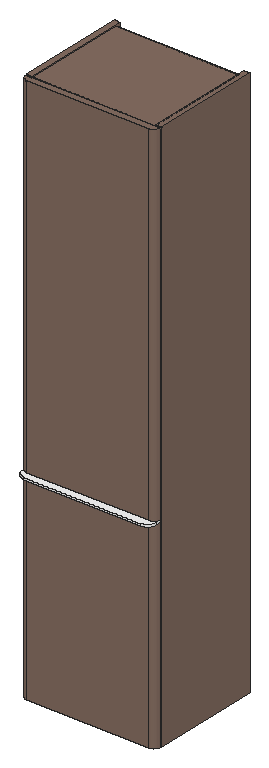
Revit family "tall cabinet, door hinge", category Furniture, Revit 2019 (continued)
Types (48, lengths in mm): name | Tall cabinet 400_350, door hinge right-54142700-Dark Walnut-MATT_WHITE-400_RX0RY0RZ0TX0TY0TZ0_V | Tall cabinet 400_350, door hinge right-54142700-Dark Walnut-MATT_WHITE-200_RX0RY0RZ0TX0TY0TZ0_V | Tall cabinet 400_350, door hinge right-54142670-Dark Walnut-MATT_BLACK-400_RX0RY0RZ0TX0TY0TZ0_V | Tall cabinet 400_350, door hinge right-54142670-Dark Walnut-MATT_BLACK-200_RX0RY0RZ0TX0TY0TZ0_V | Tall cabinet 400_350, door hinge right-54142000-Dark Walnut-CHROME-400_RX0RY0RZ0TX0TY0TZ0_V | Tall cabinet 400_350, door hinge right-54142000-Dark Walnut-CHROME-200_RX0RY0RZ0TX0TY0TZ0_V | Tall cabinet 400_350, door hinge right-54141700-Natural Oak-MATT_WHITE-400_RX0RY0RZ0TX0TY0TZ0_V | Tall cabinet 400_350, door hinge right-54141700-Natural Oak-MATT_WHITE-200_RX0RY0RZ0TX0TY0TZ0_V | Tall cabinet 400_350, door hinge right-54141670-Natural Oak-MATT_BLACK-400_RX0RY0RZ0TX0TY0TZ0_V | Tall cabinet 400_350, door hinge right-54141670-Natural Oak-MATT_BLACK-200_RX0RY0RZ0TX0TY0TZ0_V | Tall cabinet 400_350, door hinge right-54141000-Natural Oak-CHROME-400_RX0RY0RZ0TX0TY0TZ0_V | Tall cabinet 400_350, door hinge right-54141000-Natural Oak-CHROME-200_RX0RY0RZ0TX0TY0TZ0_V | Tall cabinet 400_350, door hinge right-54140700-Diamond Matt Grey-MATT_WHITE-400_RX0RY0RZ0TX0TY0TZ0_V | Tall cabinet 400_350, door hinge right-54140700-Diamond Matt Grey-MATT_WHITE-200_RX0RY0RZ0TX0TY0TZ0_V | Tall cabinet 400_350, door hinge right-54140670-Diamond Matt Grey-MATT_BLACK-400_RX0RY0RZ0TX0TY0TZ0_V | Tall cabinet 400_350, door hinge right-54140670-Diamond Matt Grey-MATT_BLACK-200_RX0RY0RZ0TX0TY0TZ0_V | Tall cabinet 400_350, door hinge right-54140000-Diamond Matt Grey-CHROME-400_RX0RY0RZ0TX0TY0TZ0_V | Tall cabinet 400_350, door hinge right-54140000-Diamond Matt Grey-CHROME-200_RX0RY0RZ0TX0TY0TZ0_V | Tall cabinet 400_350, door hinge right-54139700-High Gloss White-MATT_WHITE-400_RX0RY0RZ0TX0TY0TZ0_V | Tall cabinet 400_350, door hinge right-54139700-High Gloss White-MATT_WHITE-200_RX0RY0RZ0TX0TY0TZ0_V | Tall cabinet 400_350, door hinge right-54139670-High Gloss White-MATT_BLACK-400_RX0RY0RZ0TX0TY0TZ0_V | Tall cabinet 400_350, door hinge right-54139670-High Gloss White-MATT_BLACK-200_RX0RY0RZ0TX0TY0TZ0_V | Tall cabinet 400_350, door hinge right-54139000-High Gloss White-CHROME-400_RX0RY0RZ0TX0TY0TZ0_V | Tall cabinet 400_350, door hinge right-54139000-High Gloss White-CHROME-200_RX0RY0RZ0TX0TY0TZ0_V | Tall cabinet 400_350, door hinge left-54138700-Dark Walnut-MATT_WHITE-400_RX0RY0RZ0TX0TY0TZ0_V | Tall cabinet 400_350, door hinge left-54138700-Dark Walnut-MATT_WHITE-200_RX0RY0RZ0TX0TY0TZ0_V | Tall cabinet 400_350, door hinge left-54138670-Dark Walnut-MATT_BLACK-400_RX0RY0RZ0TX0TY0TZ0_V | Tall cabinet 400_350, door hinge left-54138670-Dark Walnut-MATT_BLACK-200_RX0RY0RZ0TX0TY0TZ0_V | Tall cabinet 400_350, door hinge left-54138000-Dark Walnut-CHROME-400_RX0RY0RZ0TX0TY0TZ0_V | Tall cabinet 400_350, door hinge left-54138000-Dark Walnut-CHROME-200_RX0RY0RZ0TX0TY0TZ0_V | Tall cabinet 400_350, door hinge left-54137700-Natural Oak-MATT_WHITE-400_RX0RY0RZ0TX0TY0TZ0_V | Tall cabinet 400_350, door hinge left-54137700-Natural Oak-MATT_WHITE-200_RX0RY0RZ0TX0TY0TZ0_V | Tall cabinet 400_350, door hinge left-54137670-Natural Oak-MATT_BLACK-400_RX0RY0RZ0TX0TY0TZ0_V | Tall cabinet 400_350, door hinge left-54137670-Natural Oak-MATT_BLACK-200_RX0RY0RZ0TX0TY0TZ0_V | Tall cabinet 400_350, door hinge left-54137000-Natural Oak-CHROME-400_RX0RY0RZ0TX0TY0TZ0_V | Tall cabinet 400_350, door hinge left-54137000-Natural Oak-CHROME-200_RX0RY0RZ0TX0TY0TZ0_V | Tall cabinet 400_350, door hinge left-54136700-Diamond Matt Grey-MATT_WHITE-400_RX0RY0RZ0TX0TY0TZ0_V | Tall cabinet 400_350, door hinge left-54136700-Diamond Matt Grey-MATT_WHITE-200_RX0RY0RZ0TX0TY0TZ0_V | Tall cabinet 400_350, door hinge left-54136670-Diamond Matt Grey-MATT_BLACK-400_RX0RY0RZ0TX0TY0TZ0_V | Tall cabinet 400_350, door hinge left-54136670-Diamond Matt Grey-MATT_BLACK-200_RX0RY0RZ0TX0TY0TZ0_V | Tall cabinet 400_350, door hinge left-54136000-Diamond Matt Grey-CHROME-400_RX0RY0RZ0TX0TY0TZ0_V | Tall cabinet 400_350, door hinge left-54136000-Diamond Matt Grey-CHROME-200_RX0RY0RZ0TX0TY0TZ0_V | Tall cabinet 400_350, door hinge left-54135700-High Gloss White-MATT_WHITE-400_RX0RY0RZ0TX0TY0TZ0_V | Tall cabinet 400_350, door hinge left-54135700-High Gloss White-MATT_WHITE-200_RX0RY0RZ0TX0TY0TZ0_V | Tall cabinet 400_350, door hinge left-54135670-High Gloss White-MATT_BLACK-400_RX0RY0RZ0TX0TY0TZ0_V | Tall cabinet 400_350, door hinge left-54135670-High Gloss White-MATT_BLACK-200_RX0RY0RZ0TX0TY0TZ0_V | Tall cabinet 400_350, door hinge left-54135000-High Gloss White-CHROME-400_RX0RY0RZ0TX0TY0TZ0_V | Tall cabinet 400_350, door hinge left-54135000-High Gloss White-CHROME-200_RX0RY0RZ0TX0TY0TZ0_V | SURFACE | SPECIFICATION | PRODUCTURL | PERMALINK | OBERFLAECHE | NB | NAME | Model | MIdent | LODLEVEL | LINA | GTINCODE | BASENUMBER | ARTNR
  Tall cabinet 400_350, door hinge right-54141700-Natural Oak-MATT_WHITE-400 | no | no | no | no | no | no | yes | no | no | no | no | no | no | no | no | no | no | no | no | no | no | no | no | no | no | no | no | no | no | no | no | no | no | no | no | no | no | no | no | no | no | no | no | no | no | no | no | no | "MATT_WHITE" | "Surfaces:    - 54141000 Chrome  - 54141670 Matt Black  - 54141700 Matt White      Specification:" | "https://pro.hansgrohe.com/articledetail--54141000" | "54141XXX" | "Natural Oak" | "Tall cabinet 400/350, door hinge right-54141700-Natural Oak-MATT_WHITE-400" | "Xelu Q Tall cabinet Natural Oak 400/350, door hinge right" | "Tall cabinet 400/350, door hinge right-54141700-Natural Oak-MATT_WHITE-400" | "{$CADENAS_DATA/23d-libs/hansgrohe/xelu_furniture/tall_cabinet_door_hinge/tall_cabinet_door_hinge.prj},315 {VTYP=3D},{NB=Tall cabinet 400/350, door hinge right-54141700-Natural Oak-MATT_WHITE-400},{LINA=Tall cabinet 400/350, door hinge right-54141700-Natural Oak-MATT_WHITE-400},{NN=Tall cabinet, door hinge},{DATE=08.03.2023 13:45:00},{GEOMDATE=08.03.2023 13:44:17},{VERSION=},{LINEID=190},{WBVAR=LODLEVEL},{WBNUMERIC=}  {NB=Tall cabinet 400/350, door hinge right-54141700-Natural Oak-MATT_WHITE-400},{LINA=Tall cabinet 400/350, door hinge right-54141700-Natural Oak-MATT_WHITE-400},{KT=DUMMY},{IDNR=19},{ARTNR=54141700},{BASENUMBER=Tall cabinet 400/350, door hinge right},{MODEL=54141XXX},{OBERFLAECHE=Natural Oak},{SURFACE=MATT_WHITE},{L=400},{LODLEVEL=400},{LODLEVELX='400','400','200','200'},{NAME=Xelu Q Tall cabinet Natural Oak 400/350, door hinge right},{PERMALINK=54141XXX},{OBJECTTYPE=Object (single object)},{BIMOBJECT=Sanitary: Compound units},{PRODUCTFAMILY=Xelu Q},{PRODUCTGROUP=bathroom vanity},{WEIGHT=36.9},{DESCRIPTION=Xelu Q Tall cabinet Natural Oak 400/350, door hinge right},{SPECIFICATION=Surfaces:    - 54141000 Chrome  - 54141670 Matt Black  - 54141700 Matt White      Specification:},{PRODUCTURL=https://pro.hansgrohe.com/articledetail--54141000},{GTINCODE=4059625458556},{TENDERURL=},{IFC=Furnishing element},{ETIM=EC011381 | Bathroom furniture set},{UNICLASS2015=Pr_40_30_78_05 | Bathroom furniture},{OMNICLASS=23-21 19 15 33 13 | Residential Bathroom Specialty Casework},{MASTERFORMAT=12 35 30.23 | Bathroom Casework},{UNSPSC=56 | Furniture and Furnishings},{UNIFORMATII=E2010 | Fixed Furnishings},{REGIONSET=Worldwide},{DESIGN=Germany},{MANUFACTURER=Germany}" | "400" | "Tall cabinet 400/350, door hinge right-54141700-Natural Oak-MATT_WHITE-400" | "4059625458556" | "Tall cabinet 400/350, door hinge right" | "54141700"
  Tall cabinet 400_350, door hinge right-54142000-Dark Walnut-CHROME-200 | no | no | no | no | no | yes | no | no | no | no | no | no | no | no | no | no | no | no | no | no | no | no | no | no | no | no | no | no | no | no | no | no | no | no | no | no | no | no | no | no | no | no | no | no | no | no | no | no | "CHROME" | "Surfaces:    - 54141000 Chrome  - 54141670 Matt Black  - 54141700 Matt White      Specification:" | "https://pro.hansgrohe.com/articledetail--54141000" | "54141XXX" | "Dark Walnut" | "Tall cabinet 400/350, door hinge right-54142000-Dark Walnut-CHROME-200" | "Xelu Q Tall cabinet Natural Oak 400/350, door hinge right" | "Tall cabinet 400/350, door hinge right-54142000-Dark Walnut-CHROME-200" | "{$CADENAS_DATA/23d-libs/hansgrohe/xelu_furniture/tall_cabinet_door_hinge/tall_cabinet_door_hinge.prj},307 {VTYP=3D},{NB=Tall cabinet 400/350, door hinge right-54142000-Dark Walnut-CHROME-200},{LINA=Tall cabinet 400/350, door hinge right-54142000-Dark Walnut-CHROME-200},{NN=Tall cabinet, door hinge},{DATE=08.03.2023 13:45:00},{GEOMDATE=08.03.2023 13:44:17},{VERSION=},{LINEID=230},{WBVAR=LODLEVEL},{WBNUMERIC=}  {NB=Tall cabinet 400/350, door hinge right-54142000-Dark Walnut-CHROME-200},{LINA=Tall cabinet 400/350, door hinge right-54142000-Dark Walnut-CHROME-200},{KT=DUMMY},{IDNR=23},{ARTNR=54142000},{BASENUMBER=Tall cabinet 400/350, door hinge right},{MODEL=54142XXX},{OBERFLAECHE=Dark Walnut},{SURFACE=CHROME},{L=400},{LODLEVEL=200},{LODLEVELX='400','400','200','200'},{NAME=Xelu Q Tall cabinet Natural Oak 400/350, door hinge right},{PERMALINK=54141XXX},{OBJECTTYPE=Object (single object)},{BIMOBJECT=Sanitary: Compound units},{PRODUCTFAMILY=Xelu Q},{PRODUCTGROUP=bathroom vanity},{WEIGHT=36.9},{DESCRIPTION=Xelu Q Tall cabinet Natural Oak 400/350, door hinge right},{SPECIFICATION=Surfaces:    - 54141000 Chrome  - 54141670 Matt Black  - 54141700 Matt White      Specification:},{PRODUCTURL=https://pro.hansgrohe.com/articledetail--54141000},{GTINCODE=4059625458556},{TENDERURL=},{IFC=Furnishing element},{ETIM=EC011381 | Bathroom furniture set},{UNICLASS2015=Pr_40_30_78_05 | Bathroom furniture},{OMNICLASS=23-21 19 15 33 13 | Residential Bathroom Specialty Casework},{MASTERFORMAT=12 35 30.23 | Bathroom Casework},{UNSPSC=56 | Furniture and Furnishings},{UNIFORMATII=E2010 | Fixed Furnishings},{REGIONSET=Worldwide},{DESIGN=Germany},{MANUFACTURER=Germany}" | "200" | "Tall cabinet 400/350, door hinge right-54142000-Dark Walnut-CHROME-200" | "4059625458556" | "Tall cabinet 400/350, door hinge right" | "54142000"
  Tall cabinet 400_350, door hinge right-54142000-Dark Walnut-CHROME-400 | no | no | no | no | yes | no | no | no | no | no | no | no | no | no | no | no | no | no | no | no | no | no | no | no | no | no | no | no | no | no | no | no | no | no | no | no | no | no | no | no | no | no | no | no | no | no | no | no | "CHROME" | "Surfaces:    - 54141000 Chrome  - 54141670 Matt Black  - 54141700 Matt White      Specification:" | "https://pro.hansgrohe.com/articledetail--54141000" | "54141XXX" | "Dark Walnut" | "Tall cabinet 400/350, door hinge right-54142000-Dark Walnut-CHROME-400" | "Xelu Q Tall cabinet Natural Oak 400/350, door hinge right" | "Tall cabinet 400/350, door hinge right-54142000-Dark Walnut-CHROME-400" | "{$CADENAS_DATA/23d-libs/hansgrohe/xelu_furniture/tall_cabinet_door_hinge/tall_cabinet_door_hinge.prj},307 {VTYP=3D},{NB=Tall cabinet 400/350, door hinge right-54142000-Dark Walnut-CHROME-400},{LINA=Tall cabinet 400/350, door hinge right-54142000-Dark Walnut-CHROME-400},{NN=Tall cabinet, door hinge},{DATE=08.03.2023 13:45:00},{GEOMDATE=08.03.2023 13:44:17},{VERSION=},{LINEID=230},{WBVAR=LODLEVEL},{WBNUMERIC=}  {NB=Tall cabinet 400/350, door hinge right-54142000-Dark Walnut-CHROME-400},{LINA=Tall cabinet 400/350, door hinge right-54142000-Dark Walnut-CHROME-400},{KT=DUMMY},{IDNR=23},{ARTNR=54142000},{BASENUMBER=Tall cabinet 400/350, door hinge right},{MODEL=54142XXX},{OBERFLAECHE=Dark Walnut},{SURFACE=CHROME},{L=400},{LODLEVEL=400},{LODLEVELX='400','400','200','200'},{NAME=Xelu Q Tall cabinet Natural Oak 400/350, door hinge right},{PERMALINK=54141XXX},{OBJECTTYPE=Object (single object)},{BIMOBJECT=Sanitary: Compound units},{PRODUCTFAMILY=Xelu Q},{PRODUCTGROUP=bathroom vanity},{WEIGHT=36.9},{DESCRIPTION=Xelu Q Tall cabinet Natural Oak 400/350, door hinge right},{SPECIFICATION=Surfaces:    - 54141000 Chrome  - 54141670 Matt Black  - 54141700 Matt White      Specification:},{PRODUCTURL=https://pro.hansgrohe.com/articledetail--54141000},{GTINCODE=4059625458556},{TENDERURL=},{IFC=Furnishing element},{ETIM=EC011381 | Bathroom furniture set},{UNICLASS2015=Pr_40_30_78_05 | Bathroom furniture},{OMNICLASS=23-21 19 15 33 13 | Residential Bathroom Specialty Casework},{MASTERFORMAT=12 35 30.23 | Bathroom Casework},{UNSPSC=56 | Furniture and Furnishings},{UNIFORMATII=E2010 | Fixed Furnishings},{REGIONSET=Worldwide},{DESIGN=Germany},{MANUFACTURER=Germany}" | "400" | "Tall cabinet 400/350, door hinge right-54142000-Dark Walnut-CHROME-400" | "4059625458556" | "Tall cabinet 400/350, door hinge right" | "54142000"
  Tall cabinet 400_350, door hinge right-54142670-Dark Walnut-MATT_BLACK-200 | no | no | no | yes | no | no | no | no | no | no | no | no | no | no | no | no | no | no | no | no | no | no | no | no | no | no | no | no | no | no | no | no | no | no | no | no | no | no | no | no | no | no | no | no | no | no | no | no | "MATT_BLACK" | "Surfaces:    - 54141000 Chrome  - 54141670 Matt Black  - 54141700 Matt White      Specification:" | "https://pro.hansgrohe.com/articledetail--54141000" | "54141XXX" | "Dark Walnut" | "Tall cabinet 400/350, door hinge right-54142670-Dark Walnut-MATT_BLACK-200" | "Xelu Q Tall cabinet Natural Oak 400/350, door hinge right" | "Tall cabinet 400/350, door hinge right-54142670-Dark Walnut-MATT_BLACK-200" | "{$CADENAS_DATA/23d-libs/hansgrohe/xelu_furniture/tall_cabinet_door_hinge/tall_cabinet_door_hinge.prj},315 {VTYP=3D},{NB=Tall cabinet 400/350, door hinge right-54142670-Dark Walnut-MATT_BLACK-200},{LINA=Tall cabinet 400/350, door hinge right-54142670-Dark Walnut-MATT_BLACK-200},{NN=Tall cabinet, door hinge},{DATE=08.03.2023 13:45:00},{GEOMDATE=08.03.2023 13:44:17},{VERSION=},{LINEID=220},{WBVAR=LODLEVEL},{WBNUMERIC=}  {NB=Tall cabinet 400/350, door hinge right-54142670-Dark Walnut-MATT_BLACK-200},{LINA=Tall cabinet 400/350, door hinge right-54142670-Dark Walnut-MATT_BLACK-200},{KT=DUMMY},{IDNR=22},{ARTNR=54142670},{BASENUMBER=Tall cabinet 400/350, door hinge right},{MODEL=54142XXX},{OBERFLAECHE=Dark Walnut},{SURFACE=MATT_BLACK},{L=400},{LODLEVEL=200},{LODLEVELX='400','400','200','200'},{NAME=Xelu Q Tall cabinet Natural Oak 400/350, door hinge right},{PERMALINK=54141XXX},{OBJECTTYPE=Object (single object)},{BIMOBJECT=Sanitary: Compound units},{PRODUCTFAMILY=Xelu Q},{PRODUCTGROUP=bathroom vanity},{WEIGHT=36.9},{DESCRIPTION=Xelu Q Tall cabinet Natural Oak 400/350, door hinge right},{SPECIFICATION=Surfaces:    - 54141000 Chrome  - 54141670 Matt Black  - 54141700 Matt White      Specification:},{PRODUCTURL=https://pro.hansgrohe.com/articledetail--54141000},{GTINCODE=4059625458556},{TENDERURL=},{IFC=Furnishing element},{ETIM=EC011381 | Bathroom furniture set},{UNICLASS2015=Pr_40_30_78_05 | Bathroom furniture},{OMNICLASS=23-21 19 15 33 13 | Residential Bathroom Specialty Casework},{MASTERFORMAT=12 35 30.23 | Bathroom Casework},{UNSPSC=56 | Furniture and Furnishings},{UNIFORMATII=E2010 | Fixed Furnishings},{REGIONSET=Worldwide},{DESIGN=Germany},{MANUFACTURER=Germany}" | "200" | "Tall cabinet 400/350, door hinge right-54142670-Dark Walnut-MATT_BLACK-200" | "4059625458556" | "Tall cabinet 400/350, door hinge right" | "54142670"
  Tall cabinet 400_350, door hinge right-54142670-Dark Walnut-MATT_BLACK-400 | no | no | yes | no | no | no | no | no | no | no | no | no | no | no | no | no | no | no | no | no | no | no | no | no | no | no | no | no | no | no | no | no | no | no | no | no | no | no | no | no | no | no | no | no | no | no | no | no | "MATT_BLACK" | "Surfaces:    - 54141000 Chrome  - 54141670 Matt Black  - 54141700 Matt White      Specification:" | "https://pro.hansgrohe.com/articledetail--54141000" | "54141XXX" | "Dark Walnut" | "Tall cabinet 400/350, door hinge right-54142670-Dark Walnut-MATT_BLACK-400" | "Xelu Q Tall cabinet Natural Oak 400/350, door hinge right" | "Tall cabinet 400/350, door hinge right-54142670-Dark Walnut-MATT_BLACK-400" | "{$CADENAS_DATA/23d-libs/hansgrohe/xelu_furniture/tall_cabinet_door_hinge/tall_cabinet_door_hinge.prj},315 {VTYP=3D},{NB=Tall cabinet 400/350, door hinge right-54142670-Dark Walnut-MATT_BLACK-400},{LINA=Tall cabinet 400/350, door hinge right-54142670-Dark Walnut-MATT_BLACK-400},{NN=Tall cabinet, door hinge},{DATE=08.03.2023 13:45:00},{GEOMDATE=08.03.2023 13:44:17},{VERSION=},{LINEID=220},{WBVAR=LODLEVEL},{WBNUMERIC=}  {NB=Tall cabinet 400/350, door hinge right-54142670-Dark Walnut-MATT_BLACK-400},{LINA=Tall cabinet 400/350, door hinge right-54142670-Dark Walnut-MATT_BLACK-400},{KT=DUMMY},{IDNR=22},{ARTNR=54142670},{BASENUMBER=Tall cabinet 400/350, door hinge right},{MODEL=54142XXX},{OBERFLAECHE=Dark Walnut},{SURFACE=MATT_BLACK},{L=400},{LODLEVEL=400},{LODLEVELX='400','400','200','200'},{NAME=Xelu Q Tall cabinet Natural Oak 400/350, door hinge right},{PERMALINK=54141XXX},{OBJECTTYPE=Object (single object)},{BIMOBJECT=Sanitary: Compound units},{PRODUCTFAMILY=Xelu Q},{PRODUCTGROUP=bathroom vanity},{WEIGHT=36.9},{DESCRIPTION=Xelu Q Tall cabinet Natural Oak 400/350, door hinge right},{SPECIFICATION=Surfaces:    - 54141000 Chrome  - 54141670 Matt Black  - 54141700 Matt White      Specification:},{PRODUCTURL=https://pro.hansgrohe.com/articledetail--54141000},{GTINCODE=4059625458556},{TENDERURL=},{IFC=Furnishing element},{ETIM=EC011381 | Bathroom furniture set},{UNICLASS2015=Pr_40_30_78_05 | Bathroom furniture},{OMNICLASS=23-21 19 15 33 13 | Residential Bathroom Specialty Casework},{MASTERFORMAT=12 35 30.23 | Bathroom Casework},{UNSPSC=56 | Furniture and Furnishings},{UNIFORMATII=E2010 | Fixed Furnishings},{REGIONSET=Worldwide},{DESIGN=Germany},{MANUFACTURER=Germany}" | "400" | "Tall cabinet 400/350, door hinge right-54142670-Dark Walnut-MATT_BLACK-400" | "4059625458556" | "Tall cabinet 400/350, door hinge right" | "54142670"
  Tall cabinet 400_350, door hinge right-54142700-Dark Walnut-MATT_WHITE-200 | no | yes | no | no | no | no | no | no | no | no | no | no | no | no | no | no | no | no | no | no | no | no | no | no | no | no | no | no | no | no | no | no | no | no | no | no | no | no | no | no | no | no | no | no | no | no | no | no | "MATT_WHITE" | "Surfaces:    - 54141000 Chrome  - 54141670 Matt Black  - 54141700 Matt White      Specification:" | "https://pro.hansgrohe.com/articledetail--54141000" | "54141XXX" | "Dark Walnut" | "Tall cabinet 400/350, door hinge right-54142700-Dark Walnut-MATT_WHITE-200" | "Xelu Q Tall cabinet Natural Oak 400/350, door hinge right" | "Tall cabinet 400/350, door hinge right-54142700-Dark Walnut-MATT_WHITE-200" | "{$CADENAS_DATA/23d-libs/hansgrohe/xelu_furniture/tall_cabinet_door_hinge/tall_cabinet_door_hinge.prj},315 {VTYP=3D},{NB=Tall cabinet 400/350, door hinge right-54142700-Dark Walnut-MATT_WHITE-200},{LINA=Tall cabinet 400/350, door hinge right-54142700-Dark Walnut-MATT_WHITE-200},{NN=Tall cabinet, door hinge},{DATE=08.03.2023 13:45:00},{GEOMDATE=08.03.2023 13:44:17},{VERSION=},{LINEID=240},{WBVAR=LODLEVEL},{WBNUMERIC=}  {NB=Tall cabinet 400/350, door hinge right-54142700-Dark Walnut-MATT_WHITE-200},{LINA=Tall cabinet 400/350, door hinge right-54142700-Dark Walnut-MATT_WHITE-200},{KT=DUMMY},{IDNR=24},{ARTNR=54142700},{BASENUMBER=Tall cabinet 400/350, door hinge right},{MODEL=54142XXX},{OBERFLAECHE=Dark Walnut},{SURFACE=MATT_WHITE},{L=400},{LODLEVEL=200},{LODLEVELX='400','400','200','200'},{NAME=Xelu Q Tall cabinet Natural Oak 400/350, door hinge right},{PERMALINK=54141XXX},{OBJECTTYPE=Object (single object)},{BIMOBJECT=Sanitary: Compound units},{PRODUCTFAMILY=Xelu Q},{PRODUCTGROUP=bathroom vanity},{WEIGHT=36.9},{DESCRIPTION=Xelu Q Tall cabinet Natural Oak 400/350, door hinge right},{SPECIFICATION=Surfaces:    - 54141000 Chrome  - 54141670 Matt Black  - 54141700 Matt White      Specification:},{PRODUCTURL=https://pro.hansgrohe.com/articledetail--54141000},{GTINCODE=4059625458556},{TENDERURL=},{IFC=Furnishing element},{ETIM=EC011381 | Bathroom furniture set},{UNICLASS2015=Pr_40_30_78_05 | Bathroom furniture},{OMNICLASS=23-21 19 15 33 13 | Residential Bathroom Specialty Casework},{MASTERFORMAT=12 35 30.23 | Bathroom Casework},{UNSPSC=56 | Furniture and Furnishings},{UNIFORMATII=E2010 | Fixed Furnishings},{REGIONSET=Worldwide},{DESIGN=Germany},{MANUFACTURER=Germany}" | "200" | "Tall cabinet 400/350, door hinge right-54142700-Dark Walnut-MATT_WHITE-200" | "4059625458556" | "Tall cabinet 400/350, door hinge right" | "54142700"
  Tall cabinet 400_350, door hinge right-54142700-Dark Walnut-MATT_WHITE-400 | yes | no | no | no | no | no | no | no | no | no | no | no | no | no | no | no | no | no | no | no | no | no | no | no | no | no | no | no | no | no | no | no | no | no | no | no | no | no | no | no | no | no | no | no | no | no | no | no | "MATT_WHITE" | "Surfaces:    - 54141000 Chrome  - 54141670 Matt Black  - 54141700 Matt White      Specification:" | "https://pro.hansgrohe.com/articledetail--54141000" | "54141XXX" | "Dark Walnut" | "Tall cabinet 400/350, door hinge right-54142700-Dark Walnut-MATT_WHITE-400" | "Xelu Q Tall cabinet Natural Oak 400/350, door hinge right" | "Tall cabinet 400/350, door hinge right-54142700-Dark Walnut-MATT_WHITE-400" | "{$CADENAS_DATA/23d-libs/hansgrohe/xelu_furniture/tall_cabinet_door_hinge/tall_cabinet_door_hinge.prj},315 {VTYP=3D},{NB=Tall cabinet 400/350, door hinge right-54142700-Dark Walnut-MATT_WHITE-400},{LINA=Tall cabinet 400/350, door hinge right-54142700-Dark Walnut-MATT_WHITE-400},{NN=Tall cabinet, door hinge},{DATE=08.03.2023 13:45:00},{GEOMDATE=08.03.2023 13:44:17},{VERSION=},{LINEID=240},{WBVAR=LODLEVEL},{WBNUMERIC=}  {NB=Tall cabinet 400/350, door hinge right-54142700-Dark Walnut-MATT_WHITE-400},{LINA=Tall cabinet 400/350, door hinge right-54142700-Dark Walnut-MATT_WHITE-400},{KT=DUMMY},{IDNR=24},{ARTNR=54142700},{BASENUMBER=Tall cabinet 400/350, door hinge right},{MODEL=54142XXX},{OBERFLAECHE=Dark Walnut},{SURFACE=MATT_WHITE},{L=400},{LODLEVEL=400},{LODLEVELX='400','400','200','200'},{NAME=Xelu Q Tall cabinet Natural Oak 400/350, door hinge right},{PERMALINK=54141XXX},{OBJECTTYPE=Object (single object)},{BIMOBJECT=Sanitary: Compound units},{PRODUCTFAMILY=Xelu Q},{PRODUCTGROUP=bathroom vanity},{WEIGHT=36.9},{DESCRIPTION=Xelu Q Tall cabinet Natural Oak 400/350, door hinge right},{SPECIFICATION=Surfaces:    - 54141000 Chrome  - 54141670 Matt Black  - 54141700 Matt White      Specification:},{PRODUCTURL=https://pro.hansgrohe.com/articledetail--54141000},{GTINCODE=4059625458556},{TENDERURL=},{IFC=Furnishing element},{ETIM=EC011381 | Bathroom furniture set},{UNICLASS2015=Pr_40_30_78_05 | Bathroom furniture},{OMNICLASS=23-21 19 15 33 13 | Residential Bathroom Specialty Casework},{MASTERFORMAT=12 35 30.23 | Bathroom Casework},{UNSPSC=56 | Furniture and Furnishings},{UNIFORMATII=E2010 | Fixed Furnishings},{REGIONSET=Worldwide},{DESIGN=Germany},{MANUFACTURER=Germany}" | "400" | "Tall cabinet 400/350, door hinge right-54142700-Dark Walnut-MATT_WHITE-400" | "4059625458556" | "Tall cabinet 400/350, door hinge right" | "54142700"
